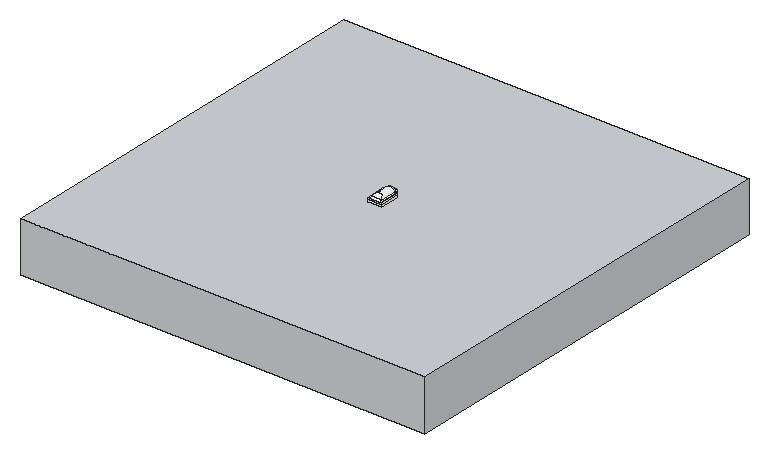
Revit family "Legrand_Lighting_Management_SCS_Presence_Sensor_Wall", category Dispositifs d'éclairage, Revit 2020
Family settings
  Hôte = Face
  Conserver l'orientation des annotations = Oui
  Cote de connecteur circulaire = Utiliser le diamètre
  Type d'élément = Normal
  Couper avec des vides une fois chargée = Non
  Partagée = Non
  Point de calcul de pièce = Non
Parameters
  Voltage type = ""
  URL = "http://www.legrandoc.com/048834"
  Temperature (MIN) (°C) = 0
  Temperature (MAX) (°C) = 0
  Suitable for wireless transmission = no
  Substation input = no
  Response value sensitivity adjustable = no
  Response value luminosity adjustable = yes
  Response value luminosity (MIN) (lx) = 0
  Response value luminosity (MAX) (lx) = 0
  Remote operation = no
  RAL-number (akin) = 9003
  Nominal voltage (V) = 0
  Mounting method = "Surface mounted (plaster)"
  Modèle = "048834"
  Model = "Movement sensor"
  Min. switch-on time (s) = 30
  Maximum mounting height (m) = 2.5
  Max. transmission range sideways (m) = 3.5
  Max. transmission range frontally (m) = 15
  Max. switching power (W) = 0
  Max. starting current (A) = 0
  Max. duty cycle (mn) = 1000
  Liaison neutre = no
  HVAC-control = no
  General Conditions of Use = "https://export.legrand.com/en/terms-of-use-BIM-objects"
  Frequency (MIN) (Hz) = 0
  Frequency (MAX) (Hz) = 0
  Forced switch off = no
  Fabricant = "Legrand"
  Elévation par défaut = 2500 mm
  Dim function with dimmer basic element = no
  Diameter detection range on floor (m) = 3.5
  Detection angle horizontal (MIN) (°) = 180
  Detection angle horizontal (MAX) (°) = 180
  Description = "Lighting management - wall/surface mounting  - IR 180° - 6 x 15 front range"
  Degree of protection (IP) = ""
  Cosses d'artère secondaire = no
  Constant light control = no
  Colour = White
  Collecteur de terre = no
  Alarm function = no
  Detection area [instance] = no
  Tag [instance] = no
Reference planes
  plane 1 "Centre (avant/arrière)": y = 0
  plane 2: z = 0
  plane 3 "Centre (gauche/droite)": x = 0
Forms (mm)
  Extrusion 1, solid
    sketch origin (0, 0, 0) x (1, 0, 0) y (0, 1, 0)
      loop
        line (-1219.2, 1219.2) -> (-1219.2, -1219.2) -> (1219.2, -1219.2) -> (1219.2, 1219.2) -> (-1219.2, 1219.2)
    from 0 to -304.8
Dimensions and locks
  aligned and locked: plane 2 to Extrusion 1
  aligned and locked: level to Extrusion 1
Nested families
  nested 1: "Modelisation 16" at (0, 0, 0), type "Modelisation 16"
    with zone de detection yes
  nested 2: "Etiquette de zone" at (0, 274.025, 0), visible <- "Tag", type "Etiquette de zone"
  nested 3: "Zone de détection" at (-3000, 0, 22.437) x (0, 0, 1) z (0, -1, 0), visible <- "Detection area", type "Zone de détection"
Connectors
  electrical at (0, 0, 0)
    settings: index 1, voltage 230 V, apparent load 0 VA, apparent load phase1 0 VA, apparent load phase2 0 VA, apparent load phase3 0 VA, power factor 1, load classification "Eclairage", number of poles 1, system type 30, power factor state 1, is connector primary yes, connector utility no, sub classification motor no, connector description ""
Definition of nested family "Modelisation 16"
  Parameters (values of type "Modelisation 16")
    zone de detection [instance] = yes
    Optique = none
    Matériau - Couleur = none
    built-in parameter 1140140 [instance] = 1 (stored number, unit not read)
    Finition = none
    Default Elevation = 1219.2 mm
    built-in parameter 1140142 [instance] = -1
    built-in parameter 1155100 [instance] = -1
  Reference planes
    plane 1 "Centre (avant/arrière)": y = 0
    plane 2: z = 0
    plane 3 "Centre (gauche/droite)": x = 0
    plane 4: z = 0
    plane 5: z = 46.5
    plane 6: x = 42
    plane 7: x = -42
    plane 8: y = -73.25
    plane 9: y = 73.25
    plane 10: y = 42.25
    plane 11: y = 73.25
  Forms (mm)
    Extrusion 1, solid, material <- "Matériau - Couleur"
      sketch origin (0, 75.75, 0) x (0, 0, -1) y (0, 1, 0)
        loop
          line (-15.894, -149) -> (-15.894, -33.5) -> (-22.308, -33.5) -> (-22.308, -149) -> (-15.894, -149)
      from -42 to 42
    Extrusion 2, solid, material <- "Matériau - Couleur"
      sketch origin (0, 75.75, 0) x (0, 0, -1) y (0, 1, 0)
        loop
          line (-22.308, -149) -> (-22.308, -33.5) -> (-46.5, -33.5) -> (-46.5, -96)
          arc (-46.5, -96) -> (-41.881, -116.773) -> (-27.826, -132.752) r 42.789
          arc (-27.826, -132.752) -> (-23.725, -140.42) -> (-22.308, -149) r 26.679
      from -42 to 42
    Revolve 3, solid
      sketch origin (0, 73.25, -1.25) x (0, 0, -1) y (0, 1, 0)
        loop
          line (-15.894, -3.446) -> (-23.687, -3.446)
          arc (-23.687, -3.446) -> (-39.628, -13.349) -> (-46, -31) r 28.604
          line (-46, -31) -> (-15.894, -31) -> (-15.894, -3.446)
        axis (-15.894, -31) -> (-15.894, -3.446)
      angle from 0 to 360
    Extrusion 4, void
      sketch origin (0, 75.75, 0) x (1, 0, 0) y (0, 0, 1)
        loop
          line (-42, 22.308) -> (-33.48, 22.308)
          arc (-33.48, 22.308) -> (-30.053, 24.53) -> (-27.64, 27.826) r 11.297
          arc (-27.64, 27.826) -> (0, 46) -> (27.64, 27.826) r 30.106
          arc (27.64, 27.826) -> (30.053, 24.53) -> (33.48, 22.308) r 11.297
          line (33.48, 22.308) -> (42, 22.308) -> (42, 47.337) -> (-42, 47.337) -> (-42, 22.308)
      from 33.5 to 149
    Extrusion 5, void
      sketch origin (0, 73.25, 0) x (0, 0, -1) y (0, 1, 0)
        loop
          line (-15.894, -31) -> (22.859, -31) -> (22.859, 0) -> (-15.894, 0) -> (-15.894, -31)
      from -42 to 42
    Extrusion 6, solid, material <- "Matériau - Couleur"
      sketch origin (0, 75.75, 0) x (0, 0, -1) y (0, 1, 0)
        loop
          line (-15.894, -144) -> (0, -144) -> (0, -33.5) -> (-15.894, -33.5) -> (-15.894, -144)
      from -42 to 42
    Extrusion 7, solid, material <- "Matériau - Couleur"
      sketch origin (0, 73.25, 0) x (1, 0, 0) y (0, 1, 0)
        loop
          arc (-30.08, -31) -> (-23.681, -13.325) -> (-7.69, -3.446) r 28.586
          line (-7.69, -3.446) -> (0, -3.446) -> (7.69, -3.446)
          arc (7.69, -3.446) -> (23.681, -13.325) -> (30.08, -31) r 28.586
          line (30.08, -31) -> (33.48, -31)
          arc (33.48, -31) -> (26.14, -10.962) -> (7.83, 0) r 31.986
          line (7.83, 0) -> (-7.83, 0)
          arc (-7.83, 0) -> (-26.14, -10.962) -> (-33.48, -31) r 31.986
          line (-33.48, -31) -> (-30.08, -31)
      from 0 to 22.308
  Cuts and joins
    Extrusion 4 cuts Extrusion 1
    Extrusion 4 cuts Extrusion 2
    Extrusion 4 cuts Extrusion 6
    Extrusion 5 cuts Revolve 3
  Dimensions and locks
    plane 5 to plane 4 = 46.5 mm  (x2)
    plane 7 to plane 6 = 84 mm  (x2)
    plane 9 to plane 10 to plane 8 = 31 mm, 115.5 mm  (x2)
    aligned and locked: level to plane 2
Definition of nested family "Etiquette de zone"
  Parameters (values of type "Etiquette de zone")
    Etiquette de zone = "Détection frontale 180° - 15mx6m à 2.5m de hauteur"
  Reference planes
    plane 1: y = 0
    plane 2: x = 0
  Text (mm)
    label "Etiquette de zone" at (-0.612, -4.46, 0), shows "Etiquette de zone"
Definition of nested family "Zone de détection"
  Reference planes
    plane 1: z = 0
    plane 2 "Centre (gauche/droite)": x = 0
    plane 3: x = 8000
    plane 4: y = 0
    plane 5: y = -5000
    plane 6: y = -6000
    plane 7: x = 10000
    plane 8: x = 12000
    plane 9: x = 15000
    plane 10: y = -1000
    plane 11: y = -3000
  Lines and regions (mm)
    detail lines, in view "Niveau de réf."
      curve 1: line (0, -3000, 0) -> (528.981, -6000, 0)
      curve 2: arc (264.49, -4500, 0) -> (2113.579, -4889.453, 0) -> (4000, -5000, 0) r 12689.678
      curve 3: line (0, -3000, 0) -> (528.981, 0, 0)
      curve 4: arc (264.49, -1500, 0) -> (2113.579, -1110.547, 0) -> (4000, -1000, 0) r 12689.678
      curve 5: arc (7211.791, -1735.181, 0) -> (5644.455, -1199.134, 0) -> (4000, -1000, 0) r 7938.888
      curve 6: arc (8000, -3000, 0) -> (7774.735, -2262.373, 0) -> (7211.791, -1735.181, 0) r 1495.012
      curve 7: arc (7211.791, -4264.819, 0) -> (5644.455, -4800.866, 0) -> (4000, -5000, 0) r 7938.888
      curve 8: arc (8000, -3000, 0) -> (7774.735, -3737.627, 0) -> (7211.791, -4264.819, 0) r 1495.012
      curve 9: arc (528.981, -6000, 0) -> (4280.516, -5856.353, 0) -> (8000, -5346.371, 0) r 38328.323
      curve 10: arc (8000, -5346.371, 0) -> (9432.155, -4541.546, 0) -> (10000, -3000, 0) r 2376.364
      curve 11: arc (528.981, 0, 0) -> (4280.516, -143.647, 0) -> (8000, -653.629, 0) r 38328.323
      curve 12: arc (8000, -653.629, 0) -> (9432.155, -1458.454, 0) -> (10000, -3000, 0) r 2376.364
      curve 13: arc (528.981, -6000, 0) -> (5674.772, -5776.924, 0) -> (10766.463, -5000, 0) r 47672.372
      curve 14: arc (528.981, 0, 0) -> (5674.772, -223.076, 0) -> (10766.463, -1000, 0) r 47672.372
      curve 15: arc (528.981, -6000, 0) -> (7056.26, -5784.571, 0) -> (13539.795, -5000, 0) r 74720.188
      curve 16: arc (13539.795, -5000, 0) -> (14627.387, -4261.004, 0) -> (15000, -3000, 0) r 1953.065
      curve 17: arc (528.981, 0, 0) -> (7056.26, -215.429, 0) -> (13539.795, -1000, 0) r 74720.188
      curve 18: arc (13539.795, -1000, 0) -> (14627.387, -1738.996, 0) -> (15000, -3000, 0) r 1953.065
      curve 19: arc (10766.463, -5000, 0) -> (11685.987, -4186.73, 0) -> (12000, -3000, 0) r 2118.206
      curve 20: arc (10766.463, -1000, 0) -> (11685.987, -1813.27, 0) -> (12000, -3000, 0) r 2118.206
  Dimensions and locks
    plane 2 "Centre (gauche/droite)" to plane 3 = 8000 mm
    plane 2 "Centre (gauche/droite)" to plane 7 = 10000 mm
    plane 2 "Centre (gauche/droite)" to plane 8 = 12000 mm
    plane 2 "Centre (gauche/droite)" to plane 9 = 15000 mm
    plane 10 to plane 5 = 4000 mm
    plane 4 to plane 6 = 6000 mm
